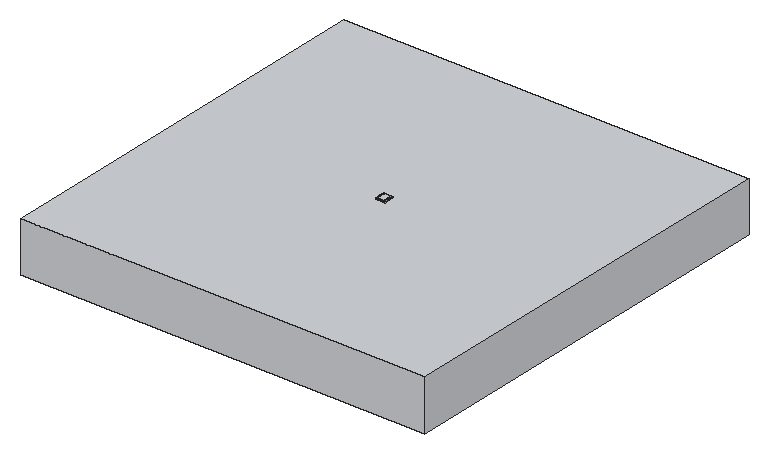
Revit family "Gira_513300", category Allgemeines Modell, Revit 2017
Family settings
  Basisbauteil = Fläche
  Kann Basisbauteil für Bewehrung sein = Nein
  Bemaßung runder Anschluss = Durchmesser verwenden
  Teiletyp = Normal
  Beim Laden mit Abzugskörper schneiden = Nein
  Gemeinsam genutzt = Nein
  Raumberechnungspunkt = Nein
Parameters
  Werkstoffgüte = "sonstige"
  Werkstoff = "sonstige"
  Default Elevation = 1219.2 mm
  URL = "https://www.gira.de/"
  Typname = "KNX Tastsens.3 Komfort 3f System 55, Gira E22"
  Transparent = no
  Schutzart (IP) = "IP20"
  Produktseite = "http://katalog.gira.de/de_DE/datenblatt.html?artikelnr=513300"
  Oberfläche = "sonstige"
  Montageart = "Unterputz"
  Mit Raumthermostat = yes
  Mit LED-Anzeige = yes
  Mit Infrarotsensor = no
  Mit Display = no
  Mit Diebstahl-/Demontageschutz = yes
  Mit Busankopplung = no
  Mit Beschriftungsfeld = no
  Hersteller = "Gira"
  HAN = "513300"
  GTIN = "4010337086857"
  Farbe = "sonstige"
  Datenblatt = "https://katalog.gira.de/de_DE/download.html?artikelnr=513300"
  Bussystem Powernet = no
  Bussystem LON = no
  Bussystem KNX-Funk = no
  Bussystem KNX = yes
  Bussystem Funkbus = no
  Beschreibung = "KNX Tastsensor 3 Komfort 3fach System 55, Gira E22 Inbetriebnahme-Wippe Merkmale: - Montage auf Busankoppler 3. - Demontageschutz durch Verschraubung. - Zwei mehrfarbige Status-LEDs je Bedienfläche. - Integrierter Temperatursensor zum Messen und Weiterleiten der lokalen Raumtemperatur. - Wippen- oder Tastenfunktion für jede Bedienfläche einstellbar. - Wippenfunktion: Schalten, Dimmen, Jalousiesteuerung, Wertgeber 1 Byte, Wertgeber 2 Byte, Szenennebenstelle und Raumtemperaturregler-Nebenstelle. - Tastenfunktion: Schalten, Dimmen, Jalousiesteuerung, Wertgeber 1 Byte, Wertgeber 2 Byte, Szenennebenstelle und Raumtemperaturregler-Nebenstelle. - Reglernebenstelle: Betriebsmodusumschaltung mit normaler und hoher Priorität, definierte Wahl eines Betriebsmodus, Wechsel zwischen verschiedenen Betriebsmodi, Wechsel des Präsenzzustands, Sollwertverschiebung. - Sperrobjekt zum Sperren von einzelnen Tasten- bzw. Wippenfunktionen. - Anzeige einer Alarmmeldung durch Blinken sämtlicher LEDs. - Mehrfarbige Status-LED (rot, grün, blau) ist global oder jeweils getrennt konfigurierbar. Über den Bus kann eine überlagerte Funktion aktiviert werden, wodurch Farbe und Anzeigeinformation einzelner Status-LEDs prioritätsbedingt verändert werden können. - Kommunikationsobjekt zur Helligkeitssteuerung der Status-LED und zur Beschriftungsfeldbeleuchtung (z. B. für nächtliche Reduzierung der Helligkeit in Schlafräumen). - Beschriftungsfeldbeleuchtung bei Wippensets mit Beschriftungsfeld. - Beschriftungsfeldbeleuchtung EIN, AUS, automatische Abschaltung oder über Objekt schaltbar.  Hinweise : - Professionelle Beschriftung über den Gira Beschriftungsservice www.beschriftung.gira.de. - Der Tastsensor wird mit einer programmneutralen Inbetriebnahme-Wippe geliefert. Das passende Wippenset zum Schalterprogramm ist separat zu bestellen."
  BIM = "https://media.stage.bim.site/public/gira/ce1eeae/SYS55_Tastsensor.rfa"
  Ausführung der Oberfläche = "nicht zutreffend"
  Anzahl der Tasten = 3
  Anzahl der Betätigungspunkte = 6
  Andere Bussysteme = "ohne"
Reference planes
  plane 1 "Center (Front/Back)": y = 0
  plane 2: z = 0
  plane 3 "Center (Left/Right)": x = 0
Forms (mm)
  Extrusion 1, solid
    sketch origin (0, 0, 0) x (1, 0, 0) y (0, 1, 0)
      loop
        line (-1219.2, 1219.2) -> (-1219.2, -1219.2) -> (1219.2, -1219.2) -> (1219.2, 1219.2) -> (-1219.2, 1219.2)
    from 0 to -304.8
  Extrusion 2, solid, detail levels fine
    sketch origin (0, 0, 0) x (1, 0, 0) y (0, 1, 0)
      loop
        line (-6.6, -21.3) -> (-6.6, -16) -> (6.6, -16) -> (6.6, -21.3) -> (7.4, -21.3) -> (7.4, -15.2) -> (-7.4, -15.2) -> (-7.4, -21.3) -> (-6.6, -21.3)
    from -9.5 to -1.5
  Extrusion 3, solid, detail levels fine
    sketch origin (0, 0, 0) x (1, 0, 0) y (0, 1, 0)
      loop
        circle (-5.08, -17.5) r 0.5
      loop
        circle (-2.54, -17.48) r 0.5
      loop
        circle (0, -17.5) r 0.5
      loop
        circle (2.54, -17.48) r 0.5
      loop
        circle (5.08, -17.5) r 0.5
      loop
        circle (5.08, -20.04) r 0.5
      loop
        circle (2.54, -20.02) r 0.5
      loop
        circle (0, -20.04) r 0.5
      loop
        circle (-2.54, -20.02) r 0.5
      loop
        circle (-5.08, -20.04) r 0.5
    from -8.48 to -1.5
  Extrusion 4, solid, detail levels fine
    sketch origin (0, 0, 0) x (1, 0, 0) y (0, 1, 0)
      loop
        arc (-23.95, -19.15) -> (-22.544, -22.544) -> (-19.15, -23.95) r 4.8
        line (-19.15, -23.95) -> (19.15, -23.95)
        arc (19.15, -23.95) -> (22.544, -22.544) -> (23.95, -19.15) r 4.8
        line (23.95, -19.15) -> (23.95, 19.15)
        arc (23.95, 19.15) -> (22.544, 22.544) -> (19.15, 23.95) r 4.8
        line (19.15, 23.95) -> (-19.15, 23.95)
        arc (-19.15, 23.95) -> (-22.544, 22.544) -> (-23.95, 19.15) r 4.8
        line (-23.95, 19.15) -> (-23.95, -19.15)
    from -1.5 to 0.5
  Extrusion 5, solid, detail levels fine
    sketch origin (0, 0, 0) x (1, 0, 0) y (0, 1, 0)
      loop
        line (27.6, -27.7) -> (27.6, -26.6) -> (26.1, -26.6) -> (26.1, -10.4) -> (27.45, -10.4) -> (27.45, -8.1) -> (26.1, -8.1) -> (26.1, 8.1) -> (27.45, 8.1) -> (27.45, 10.4) -> (26.1, 10.4) -> (26.1, 26.6) -> (27.6, 26.6) -> (27.6, 27.7) -> (-27.6, 27.7) -> (-27.6, 26.6) -> (-26.1, 26.6) -> (-26.1, 10.4) -> (-27.45, 10.4) -> (-27.45, 8.1) -> (-26.1, 8.1) -> (-26.1, -8.1) -> (-27.45, -8.1) -> (-27.45, -10.4) -> (-26.1, -10.4) -> (-26.1, -26.6) -> (-27.6, -26.6) -> (-27.6, -27.7) -> (27.6, -27.7)
    from 0 to 5.44
  Extrusion 6, solid, detail levels fine
    sketch origin (0, 0, 0) x (0, 1, 0) y (0, 0, 1)
      loop
        arc (15.5, 5.92) -> (15.146, 5.774) -> (15, 5.42) r 0.5
        line (15, 5.42) -> (15, 3.62)
        arc (15, 3.62) -> (15.146, 3.267) -> (15.5, 3.12) r 0.5
        line (15.5, 3.12) -> (21.5, 3.12)
        arc (21.5, 3.12) -> (21.854, 3.267) -> (22, 3.62) r 0.5
        line (22, 3.62) -> (22, 5.42)
        arc (22, 5.42) -> (21.854, 5.774) -> (21.5, 5.92) r 0.5
        line (21.5, 5.92) -> (15.5, 5.92)
      loop
        line (11.4, 1.3) -> (25.6, 1.3)
        arc (25.6, 1.3) -> (25.954, 1.446) -> (26.1, 1.8) r 0.5
        line (26.1, 1.8) -> (26.1, 5.7) -> (27.65, 5.7) -> (27.635, 7.4) -> (-27.635, 7.4) -> (-27.65, 5.7) -> (-26.1, 5.7) -> (-26.1, 1.8)
        arc (-26.1, 1.8) -> (-25.954, 1.446) -> (-25.6, 1.3) r 0.5
        line (-25.6, 1.3) -> (-11.4, 1.3)
        arc (-11.4, 1.3) -> (-11.046, 1.446) -> (-10.9, 1.8) r 0.5
        line (-10.9, 1.8) -> (-10.9, 5.7) -> (-8.05, 5.7) -> (-8.05, 1.8)
        arc (-8.05, 1.8) -> (-7.904, 1.446) -> (-7.55, 1.3) r 0.5
        line (-7.55, 1.3) -> (7.55, 1.3)
        arc (7.55, 1.3) -> (7.904, 1.446) -> (8.05, 1.8) r 0.5
        line (8.05, 1.8) -> (8.05, 5.7) -> (10.9, 5.7) -> (10.9, 1.8)
        arc (10.9, 1.8) -> (11.046, 1.446) -> (11.4, 1.3) r 0.5
      loop
        line (3, 5.92) -> (-3, 5.92)
        arc (-3, 5.92) -> (-3.354, 5.774) -> (-3.5, 5.42) r 0.5
        line (-3.5, 5.42) -> (-3.5, 3.62)
        arc (-3.5, 3.62) -> (-3.354, 3.267) -> (-3, 3.12) r 0.5
        line (-3, 3.12) -> (3, 3.12)
        arc (3, 3.12) -> (3.354, 3.267) -> (3.5, 3.62) r 0.5
        line (3.5, 3.62) -> (3.5, 5.42)
        arc (3.5, 5.42) -> (3.354, 5.774) -> (3, 5.92) r 0.5
      loop
        arc (-15.5, 3.12) -> (-15.146, 3.267) -> (-15, 3.62) r 0.5
        line (-15, 3.62) -> (-15, 5.42)
        arc (-15, 5.42) -> (-15.146, 5.774) -> (-15.5, 5.92) r 0.5
        line (-15.5, 5.92) -> (-21.5, 5.92)
        arc (-21.5, 5.92) -> (-21.854, 5.774) -> (-22, 5.42) r 0.5
        line (-22, 5.42) -> (-22, 3.62)
        arc (-22, 3.62) -> (-21.854, 3.267) -> (-21.5, 3.12) r 0.5
        line (-21.5, 3.12) -> (-15.5, 3.12)
    from -27.45 to -25
  Extrusion 7, solid, detail levels fine
    sketch origin (0, 0, 0) x (0, 1, 0) y (0, 0, -1)
      loop
        line (15.5, -5.92) -> (21.5, -5.92)
        arc (21.5, -5.92) -> (21.854, -5.774) -> (22, -5.42) r 0.5
        line (22, -5.42) -> (22, -3.62)
        arc (22, -3.62) -> (21.854, -3.267) -> (21.5, -3.12) r 0.5
        line (21.5, -3.12) -> (15.5, -3.12)
        arc (15.5, -3.12) -> (15.146, -3.267) -> (15, -3.62) r 0.5
        line (15, -3.62) -> (15, -5.42)
        arc (15, -5.42) -> (15.146, -5.774) -> (15.5, -5.92) r 0.5
      loop
        arc (11.4, -1.3) -> (11.046, -1.446) -> (10.9, -1.8) r 0.5
        line (10.9, -1.8) -> (10.9, -5.7) -> (8.05, -5.7) -> (8.05, -1.8)
        arc (8.05, -1.8) -> (7.904, -1.446) -> (7.55, -1.3) r 0.5
        line (7.55, -1.3) -> (-7.55, -1.3)
        arc (-7.55, -1.3) -> (-7.904, -1.446) -> (-8.05, -1.8) r 0.5
        line (-8.05, -1.8) -> (-8.05, -5.7) -> (-10.9, -5.7) -> (-10.9, -1.8)
        arc (-10.9, -1.8) -> (-11.046, -1.446) -> (-11.4, -1.3) r 0.5
        line (-11.4, -1.3) -> (-25.6, -1.3)
        arc (-25.6, -1.3) -> (-25.954, -1.446) -> (-26.1, -1.8) r 0.5
        line (-26.1, -1.8) -> (-26.1, -5.7) -> (-27.65, -5.7) -> (-27.635, -7.4) -> (27.635, -7.4) -> (27.65, -5.7) -> (26.1, -5.7) -> (26.1, -1.8)
        arc (26.1, -1.8) -> (25.954, -1.446) -> (25.6, -1.3) r 0.5
        line (25.6, -1.3) -> (11.4, -1.3)
      loop
        arc (3, -5.92) -> (3.354, -5.774) -> (3.5, -5.42) r 0.5
        line (3.5, -5.42) -> (3.5, -3.62)
        arc (3.5, -3.62) -> (3.354, -3.267) -> (3, -3.12) r 0.5
        line (3, -3.12) -> (-3, -3.12)
        arc (-3, -3.12) -> (-3.354, -3.267) -> (-3.5, -3.62) r 0.5
        line (-3.5, -3.62) -> (-3.5, -5.42)
        arc (-3.5, -5.42) -> (-3.354, -5.774) -> (-3, -5.92) r 0.5
        line (-3, -5.92) -> (3, -5.92)
      loop
        line (-15.5, -3.12) -> (-21.5, -3.12)
        arc (-21.5, -3.12) -> (-21.854, -3.267) -> (-22, -3.62) r 0.5
        line (-22, -3.62) -> (-22, -5.42)
        arc (-22, -5.42) -> (-21.854, -5.774) -> (-21.5, -5.92) r 0.5
        line (-21.5, -5.92) -> (-15.5, -5.92)
        arc (-15.5, -5.92) -> (-15.146, -5.774) -> (-15, -5.42) r 0.5
        line (-15, -5.42) -> (-15, -3.62)
        arc (-15, -3.62) -> (-15.146, -3.267) -> (-15.5, -3.12) r 0.5
    from -27.45 to -25
  Extrusion 8, solid, detail levels fine
    sketch origin (-82.195, -64.588, 0) x (1, 0, 0) y (0, 1, 0)
      loop
        line (54.545, 36.952) -> (109.845, 36.952) -> (109.845, 92.223) -> (54.545, 92.223) -> (54.545, 36.952)
    from 6.703 to 8.9
  Extrusion 9, solid, detail levels fine
    sketch origin (0, 0, 0) x (1, 0, 0) y (0, 1, 0)
      loop
        line (-19.2, 27) -> (-19.2, -27) -> (19.2, -27) -> (19.2, 27) -> (-19.2, 27)
    from 5.44 to 8
  Extrusion 10, solid, detail levels fine
    sketch origin (0, 0, 0) x (1, 0, 0) y (0, 1, 0)
      loop
        circle (-23.85, 0) r 1.269
      loop
        circle (23.85, 0) r 1.269
    from 6.703 to 9.6
  Extrusion 11, solid, detail levels medium
    sketch origin (0, 0, 0) x (1, 0, 0) y (0, 1, 0)
      loop
        line (27.65, 27.7) -> (-27.65, 27.7) -> (-27.65, -27.7) -> (27.65, -27.7) -> (27.65, 27.7)
    from 0 to 9.6
  Extrusion 12, solid, detail levels medium
    sketch origin (0, 0, 0) x (1, 0, 0) y (0, 1, 0)
      loop
        line (-23.95, -23.95) -> (23.95, -23.95) -> (23.95, 23.95) -> (-23.95, 23.95) -> (-23.95, -23.95)
    from -1.5 to 0.5
  Extrusion 13, solid, detail levels medium
    sketch origin (0, 0, 0) x (1, 0, 0) y (0, 1, 0)
      loop
        line (-7.4, -21.3) -> (7.4, -21.3) -> (7.4, -15.2) -> (-7.4, -15.2) -> (-7.4, -21.3)
    from -9.5 to -1.5
  Extrusion 14, solid, detail levels coarse
    sketch origin (0, 0, 0) x (1, 0, 0) y (0, 1, 0)
      loop
        line (27.65, 27.7) -> (-27.65, 27.7) -> (-27.65, -27.7) -> (27.65, -27.7) -> (27.65, 27.7)
    from -9.5 to 9.6
Dimensions and locks
  aligned and locked: plane 2 to Extrusion 1
  aligned and locked: level to Extrusion 1
Connectors
  electrical at (0, 0, -9.5)
    settings: on Extrusion 14, index 1, voltage 220 V, apparent load 0 VA, apparent load phase1 0 VA, apparent load phase2 0 VA, apparent load phase3 0 VA, power factor 1, load classification "Other", number of poles 1, system type 30, power factor state 1, is connector primary yes, connector utility no, sub classification motor no, connector description ""
